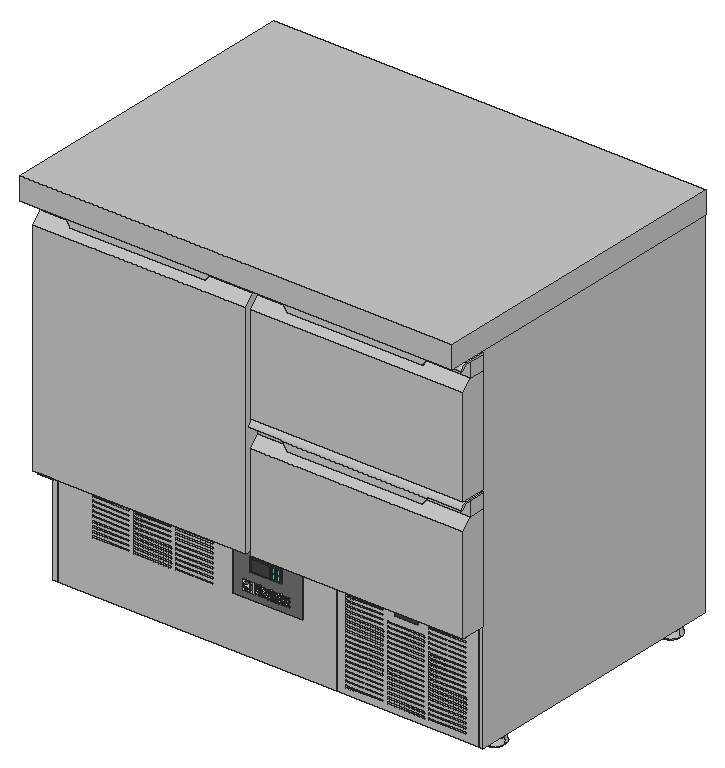
Revit family "QF_ELECTROLUXPROFESSIONAL_725108_SAL25T12", category Attrezzature speciali, Revit 2021 (continued)
Definition of nested family "HORIZREF_ELX_DISPLAY"
  Forms (mm)
    Extrusion 3, solid
      sketch origin (-117.256, -247.111, 0) x (1, 0, 0) y (0, 1, 0)
        loop
          arc (130.43, 215.796) -> (130.333, 214.854) -> (130.941, 214.127) r 1.217
          arc (130.941, 214.127) -> (131.452, 213.957) -> (131.937, 213.722) r 4.201
          arc (131.937, 213.722) -> (132.243, 213.361) -> (132.032, 212.937) r 0.43
          arc (132.032, 212.937) -> (131.64, 212.845) -> (131.25, 212.944) r 0.846
          arc (131.25, 212.944) -> (130.912, 213.187) -> (130.706, 213.548) r 0.983
          line (130.706, 213.548) -> (129.98, 213.209)
          arc (129.98, 213.209) -> (130.241, 212.705) -> (130.663, 212.324) r 1.595
          arc (130.663, 212.324) -> (131.141, 212.12) -> (131.658, 212.068) r 1.719
          arc (131.658, 212.068) -> (132.297, 212.196) -> (132.873, 212.501) r 2.246
          arc (132.873, 212.501) -> (133.128, 213.178) -> (132.996, 213.889) r 1.349
          arc (132.996, 213.889) -> (132.713, 214.216) -> (132.35, 214.453) r 1.564
          arc (132.35, 214.453) -> (131.891, 214.658) -> (131.421, 214.834) r 8.236
          arc (131.421, 214.834) -> (131.149, 215.257) -> (131.542, 215.57) r 0.375
          arc (131.542, 215.57) -> (132.012, 215.457) -> (132.374, 215.136) r 0.998
          line (132.374, 215.136) -> (132.848, 215.758)
        loop
          line (136.655, 216.284) -> (136.655, 212.137) -> (137.508, 212.137) -> (137.508, 216.284) -> (136.655, 216.284)
        loop
          circle (143.258, 214.21) r 1.29
        loop
          circle (143.258, 214.21) r 2.154
        loop
          line (148.978, 212.137) -> (149.84, 212.137) -> (149.84, 214.744) -> (151.737, 212.137) -> (152.566, 212.137) -> (152.566, 216.284) -> (151.705, 216.284) -> (151.705, 213.597) -> (149.808, 216.284) -> (148.978, 216.284) -> (148.978, 212.137)
        loop
          line (156.866, 212.137) -> (157.27, 213.031) -> (158.804, 213.031) -> (159.207, 212.137) -> (160.124, 212.137) -> (158.372, 216.284) -> (157.572, 216.284) -> (155.95, 212.137) -> (156.866, 212.137)
        loop
          line (158.421, 213.882) -> (158.01, 214.793) -> (157.611, 213.882) -> (158.421, 213.882)
        loop
          line (164.359, 212.921) -> (164.359, 216.284) -> (163.507, 216.284) -> (163.507, 212.137) -> (165.954, 212.137) -> (165.954, 212.921) -> (164.359, 212.921)
        loop
          arc (126.63, 215.758) -> (126.081, 216.209) -> (125.384, 216.353) r 1.485
          arc (125.384, 216.353) -> (124.742, 216.195) -> (124.213, 215.796) r 1.645
          arc (124.213, 215.796) -> (124.115, 214.854) -> (124.723, 214.127) r 1.217
          arc (124.723, 214.127) -> (125.234, 213.957) -> (125.719, 213.722) r 4.201
          arc (125.719, 213.722) -> (126.026, 213.361) -> (125.815, 212.937) r 0.43
          arc (125.815, 212.937) -> (125.422, 212.845) -> (125.032, 212.944) r 0.846
          arc (125.032, 212.944) -> (124.695, 213.187) -> (124.488, 213.548) r 0.983
          line (124.488, 213.548) -> (123.763, 213.209)
          arc (123.763, 213.209) -> (124.024, 212.705) -> (124.446, 212.324) r 1.595
          arc (124.446, 212.324) -> (124.923, 212.12) -> (125.441, 212.068) r 1.719
          arc (125.441, 212.068) -> (126.08, 212.196) -> (126.656, 212.501) r 2.246
          arc (126.656, 212.501) -> (126.91, 213.178) -> (126.779, 213.889) r 1.349
          arc (126.779, 213.889) -> (126.495, 214.216) -> (126.132, 214.453) r 1.564
          arc (126.132, 214.453) -> (125.674, 214.658) -> (125.203, 214.834) r 8.236
          arc (125.203, 214.834) -> (124.931, 215.257) -> (125.324, 215.57) r 0.375
          arc (125.324, 215.57) -> (125.795, 215.457) -> (126.156, 215.136) r 0.998
          line (126.156, 215.136) -> (126.63, 215.758)
      from 2 to 3.6
    Extrusion 4, solid
      sketch origin (0, -268.882, 0) x (1, 0, 0) y (0, 1, 0)
        loop
          line (-38.5, 303.882) -> (-38.5, 274.364) -> (31.5, 274.364) -> (31.5, 303.882) -> (-38.5, 303.882)
        loop
          line (-78, 218.882) -> (78, 218.882) -> (78, 318.882) -> (53, 318.882) -> (40, 313.882) -> (-40, 313.882) -> (-53, 318.882) -> (-78, 318.882) -> (-78, 218.882)
      from 0 to 2
    Extrusion 5, solid
      sketch origin (0, -270.882, 0) x (1, 0, 0) y (0, 1, 0)
        loop
          line (-78, 325.882) -> (-78, 320.882) -> (-53, 320.882) -> (-40, 315.882) -> (40, 315.882) -> (53, 320.882) -> (78, 320.882) -> (78, 325.882) -> (-78, 325.882)
      from 0 to 2
    Extrusion 6, solid
      sketch origin (0, -270.882, 0) x (1, 0, 0) y (0, 1, 0)
        loop
          line (-38.5, 305.882) -> (-38.5, 276.364) -> (31.5, 276.364) -> (31.5, 305.882) -> (-38.5, 305.882)
        loop
          line (9.5, 302.882) -> (9.5, 291.882) -> (17.5, 291.882) -> (17.5, 302.882) -> (9.5, 302.882)
        loop
          line (20.512, 302.882) -> (20.512, 291.882) -> (28.512, 291.882) -> (28.512, 302.882) -> (20.512, 302.882)
        loop
          line (20.512, 290.364) -> (20.512, 279.364) -> (28.512, 279.364) -> (28.512, 290.364) -> (20.512, 290.364)
        loop
          line (9.5, 290.364) -> (9.5, 279.364) -> (17.5, 279.364) -> (17.5, 290.364) -> (9.5, 290.364)
        loop
          line (-35.5, 302.882) -> (-35.5, 279.364) -> (6.075, 279.364) -> (6.075, 302.882) -> (-35.5, 302.882)
      from 0 to 4
    Extrusion 7, solid
      sketch origin (0, -270.882, 0) x (1, 0, 0) y (0, 1, 0)
        loop
          line (-35.5, 302.882) -> (-35.5, 279.364) -> (6.075, 279.364) -> (6.075, 302.882) -> (-35.5, 302.882)
      from 0 to 5
    Extrusion 8, solid
      sketch origin (0, -270.882, 0) x (1, 0, 0) y (0, 1, 0)
        loop
          line (9.5, 302.882) -> (9.5, 291.882) -> (17.5, 291.882) -> (17.5, 302.882) -> (9.5, 302.882)
        loop
          line (28.512, 291.882) -> (28.512, 302.882) -> (20.512, 302.882) -> (20.512, 291.882) -> (28.512, 291.882)
        loop
          line (9.5, 279.364) -> (17.5, 279.364) -> (17.5, 290.364) -> (9.5, 290.364) -> (9.5, 279.364)
        loop
          line (28.512, 279.364) -> (28.512, 290.364) -> (20.512, 290.364) -> (20.512, 279.364) -> (28.512, 279.364)
      from 0 to 4
  Dimensions and locks
    aligned and locked: plane 2 to Extrusion 1
    aligned and locked: level to Extrusion 1
Definition of nested family "HORIZREF_FEET20"
  Parameters
    Default Elevation = 0 mm
    FEET = 20 mm
  Reference planes
    plane 1 "Center (Front/Back)": y = 0
    plane 2: z = 0
    plane 3 "Center (Left/Right)": x = 0
    plane 4: z = 20
  Forms (mm)
    Revolve 1, solid
      sketch origin (255.05, 0, 608.09) x (0, 0, 1) y (-1, 0, 0)
        loop
          line (-608.09, 255.05) -> (-608.09, 233.546) -> (-605.676, 231.132) -> (-594.09, 235.349) -> (-594.09, 255.05) -> (-608.09, 255.05)
        axis (-608.09, 255.05) -> (-594.09, 255.05)
      angle from 0 to 360
    Revolve 2, solid
      sketch origin (255.05, 0, 608.09) x (0, 0, 1) y (-1, 0, 0)
        loop
          line (-594.09, 255.05) -> (-594.09, 245.05) -> (-588.09, 245.05) -> (-588.09, 255.05) -> (-594.09, 255.05)
        axis (-594.09, 255.05) -> (-588.09, 255.05)
      angle from 0 to 360
  Dimensions and locks
    "FEET": plane 4 to plane 2
    aligned and locked: level to plane 2
  Automatic sketch dimensions
    Revolve 1 sketch curve to level = 0 mm
    Revolve 1 sketch curve to plane 3 "Center (Left/Right)" = 0 mm  (x2)
    level to Revolve 1 sketch curve = 2.414 mm
    Revolve 1 sketch curve to plane 4 = 6 mm
    plane 3 "Center (Left/Right)" to Revolve 1 sketch curve = 19.701 mm
    Revolve 1 sketch curve to Revolve 1 sketch curve = 1.803 mm
    Revolve 1 sketch curve to Revolve 1 sketch curve = 2.414 mm
    plane 4 to Revolve 1 sketch curve = 50 mm
    Revolve 1 sketch curve to Revolve 1 sketch curve = 20 mm
    Revolve 2 sketch curve to plane 3 "Center (Left/Right)" = 0 mm  (x2)
    Revolve 2 sketch curve to plane 4 = 0 mm
    Revolve 2 sketch curve to plane 4 = 6 mm
    plane 3 "Center (Left/Right)" to Revolve 2 sketch curve = 10 mm
    Revolve 2 sketch curve to Revolve 2 sketch curve = 50 mm
    Revolve 2 sketch curve to Revolve 2 sketch curve = 20 mm
Definition of nested family "Refrigerator"
  Reference planes
    plane 1 "Center (Front/Back)": y = 0
    plane 2: z = 0
    plane 3 "Center (Left/Right)": x = 0
  Lines and regions (mm)
    detail lines, in view "Ref. Level"
      curve 1: spline (-500, 190, 0) -> (-493.185, 166.706, 0) -> (-473.205, 145, 0) -> (-441.421, 126.36, 0) -> (-400, 112.058, 0) -> (-351.764, 103.067, 0) -> (-300, 100, 0) -> (-248.236, 103.067, 0) -> (-200, 112.058, 0) -> (-158.579, 126.36, 0) -> (-126.795, 145, 0) -> (-106.815, 166.706, 0) -> (-100, 190, 0) -> (-106.815, 213.294, 0) -> (-126.795, 235, 0) -> (-158.579, 253.64, 0) -> (-200, 267.942, 0) -> (-248.236, 276.933, 0) -> (-300, 280, 0) -> (-351.764, 276.933, 0) -> (-400, 267.942, 0) -> (-441.421, 253.64, 0) -> (-473.205, 235, 0) -> (-493.185, 213.294, 0) -> (-500, 190, 0)
      curve 2: line (-300, 130, 0) -> (-300, 250, 0)
      curve 3: line (-351.962, 220, 0) -> (-248.038, 160, 0)
      curve 4: line (-351.962, 160, 0) -> (-248.038, 220, 0)
      curve 5: line (-280.884, 246.873, 0) -> (-300, 225, 0)
      curve 6: line (-300, 225, 0) -> (-319.116, 246.873, 0)
      curve 7: line (-330.311, 207.5, 0) -> (-339.696, 234.992, 0)
      curve 8: line (-358.812, 201.882, 0) -> (-330.311, 207.5, 0)
      curve 9: line (-330.311, 172.5, 0) -> (-358.812, 178.118, 0)
      curve 10: line (-339.696, 145.008, 0) -> (-330.311, 172.5, 0)
      curve 11: line (-300, 155, 0) -> (-319.116, 133.127, 0)
      curve 12: line (-280.884, 133.127, 0) -> (-300, 155, 0)
      curve 13: line (-269.689, 172.5, 0) -> (-260.304, 145.008, 0)
      curve 14: line (-241.188, 178.118, 0) -> (-269.689, 172.5, 0)
      curve 15: line (-269.689, 207.5, 0) -> (-241.188, 201.882, 0)
      curve 16: line (-260.304, 234.992, 0) -> (-269.689, 207.5, 0)
